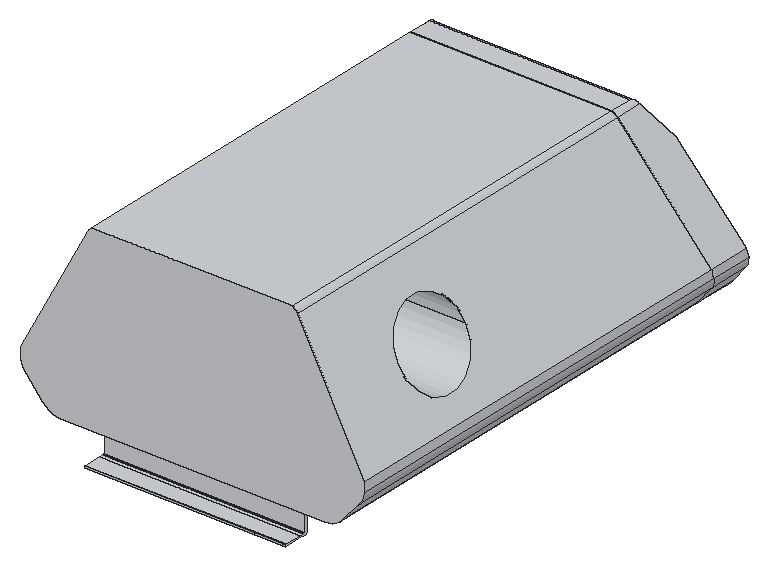
Revit family "Building-ElectricalVehicleCharging-GEWISS-JOINON-ION_WALL_MOUNTING-EV-R", category Apparecchi elettrici, host Superficie, Revit 2019
Family settings
  Host = Superficie
  Mantenere orientamento annotazione = No
  Quota connettore circolare = Usa diametro
  Tipo di parte = Normale
  Taglio con vuoti quando caricato = No
  Condiviso = No
  Punto di calcolo locali = No
Parameters (values of type "GWJ2123W100 - WB JOINON RFID 22 KW 1XT2S+SC - 3G EV-R")
  Â Power supply (2 separate lines) = ""
  sp_y [instance] = 3306.156 mm
  sp_x [instance] = 2013.885 mm
  sp_effettivo_y [instance] = 4000 mm - sp_y  # 693.844 mm
  sp_effettivo_x [instance] = 4000 mm - sp_x  # 1986.115 mm
  bordo_simbolo [instance] = yes
  Version file RFA = "19.4"
  URL = "https://www.gewiss.com/ww/en"
  Type of residual current protection = "Currently not present"
  Total power: = "25 Chilowatt"
  Thermal-magnetic protection = "Currently not present"
  Terminal blocks: = "1 x (5 x 10 mm²) + 1 x (3 x 6 mm²)"
  Surface treatment = ""
  Socket/Connector Nr. (Type) = "1 (Type 2 vandal-proof socket, with shutters) + 1 (Type F)"
  Simbolo in pianta = yes
  Shock resistance = "IK10"
  Realized by GEWISS S.p.A. = ""
  Rated voltage = "400 Volt"
  Rated insulation voltage (Ui) = "400 Volt"
  Rated current: = "42 Ampere"
  RFID Reader = "Yes"
  Protection : = "No"
  Default Elevation = 1219.2 mm
  Produttore = "GEWISS S.p.A."
  Power meter = "YES (MID)"
  Power max. = "22 kW per socket (2,3 kW for type F)"
  Operating temperature: = "-25 +50 °C"
  OUTPUT : = "-"
  N. of sockets Type 2 = "1 (+1 domestic socket Type F)"
  Mouting and installation = "Wall mount"
  Modello = "GWJ2123W100"
  Mechanical characteristics = "-"
  Maximum power per socket = ""
  Maximum current per socket = ""
  Material = "Steel sheet"
  Installation type = ""
  Input current = ""
  Immagine tipo = ION_PARETE.jpg
  IP degree = "IP54"
  INPUT: = "-"
  IDF = "a47ae025-38a9-4393-869f-3df3cac1d2db"
  Human Interface = "LED RGB and TFT Display"
  External treatments = "Anti-corrosion and anti-graffiti"
  External colour = ""
  Electrocod = ""
  Descrizione = "WB JOINON RFID 22 KW 1XT2S+SC - 3G EV-R"
  DC Leakage check = "Currently not present"
  Customizations: = "Yes (front)"
  Current supplied (max) = "32 A per socket (10 A for Type F)"
  Connectivity: = "LAN,WIFI,4G"
  Connectivity = ""
  Comunication = "Ethernet Kit and 4G Modem with booster antenna"
  Colour = "Grey, Headboard RAL 7011"
  Charging sockets (EN 62196) = ""
  Charging power = "22 kW + 2,3 kW"
  Charging mode (EN 61851) : = ""
  Charging activation = "Remotely managed, via OCPP 1.6J"
  COBie.Tagnumber = ""
  COBie.CreatedOn = ""
  COBie.CreatebBy = ""
  COBie.ComponentRegisterItemID = ""
  COBie.Component.TagNumber = ""
  COBie.Component.Space = ""
  COBie.Component.SerialNumber = ""
  COBie.Component.InstallationDate = ""
  COBie.Component.Description = ""
  COBie.Component.BarCode = ""
  (Auto)restart electrical protections = "Currently not present"
Types (17, lengths in mm): name | Â Power supply (2 separate lines) | Total power: | Terminal blocks: | Surface treatment | Socket/Connector Nr. (Type) | Rated voltage | Rated insulation voltage (Ui) | Rated current: | RFID Reader | Power meter | Power max. | N. of sockets Type 2 | Modello | Maximum power per socket | Maximum current per socket | Installation type | Input current | IP degree | External colour | Descrizione | Current supplied (max) | Connectivity: | Connectivity | Comunication | Charging sockets (EN 62196) | Charging power | Charging mode (EN 61851) : | Charging activation
  (no name) | "Three-phase 35mm²" | "25 Chilowatt" | "1 x (5 x 10 mm²) + 1 x (3 x 6 mm²)" | "Anti-graffiti surface painting" | "1 (Type 2 vandal-proof socket, with shutters) + 1 (Type F)" | "400 Volt" | "400 Volt" | "42 Ampere" | "Yes" | "YES (MID)" | "22 kW per socket (2,3 kW for type F)" | "1 (+1 domestic socket Type F)" | "GWJ2123W100" | "22 kW + 22 kW" | "32A + 32A" | "Wall or Pole" | "64 Ampere" | "IP54" | "Grey Chassis, Cap RAL7011" | "WB JOINON RFID 22 KW 1XT2S+SC - 3G EV-R" | "32 A per socket (10 A for Type F)" | "LAN,WIFI,4G" | "OCPP 1.6 SOAP" | "Ethernet Kit and 4G Modem with booster antenna" | "2 x Type 2" | "22 kW + 2,3 kW" | "Mode 3" | "Remotely managed, via OCPP 1.6J"
  GWJ2101A100 - WB JOINON AUTOSTART 7,4 kW 2xT2S EV-R | "Single-phase 35 mm²" | "15 Chilowatt" | "2 x (3 x 10 mm²)" | "Anti-graffiti surface painting" | "2 (Type 2 socket, with shutters)" | "230 Volt" | "230 Volt" | "64 Ampere" | "No" | "Currently not present" | "7,4 kW per socket" | "2" | "GWJ2101A100" | "7,4 kW + 7,4 kW" | "32A + 32A" | "Wall or Pole" | "64 Ampere" | "IP55" | "Grey Chassis, Cap RAL7011" | "WB JOINON AUTOSTART 7,4 kW 2xT2S EV-R" | "32 A per socket" | "No" | "" | "" | "2 x Type 2" | "7,4 kW + 7,4 kW" | "Mode 3" | "Free access"
  GWJ2102A100 - WB JOINON AUTOSTART 11 kW 2xT2S EV-R | "Three-phase 35mm²" | "22 Chilowatt" | "2 x (5 x 10 mm²)" | "Anti-graffiti surface painting" | "2 (Type 2 socket, with shutters)" | "400 Volt" | "400 Volt" | "32 Ampere" | "No" | "Currently not present" | "11 kW per socket" | "2" | "GWJ2102A100" | "11 kW + 11 kW" | "16A + 16A" | "Wall or Pole" | "32 Ampere" | "IP55" | "Grey Chassis, Cap RAL7011" | "WB JOINON AUTOSTART 11 kW 2xT2S EV-R" | "16 A per socket" | "No" | "" | "" | "2 x Type 2" | "11 kW + 11 kW" | "Mode 3" | "Free access"
  GWJ2103A100 - WB JOINON AUTOSTART 22 kW 2xT2S EV-R | "Three-phase 35mm²" | "44 Chilowatt" | "2 x (5 x 10 mm²)" | "Anti-graffiti surface painting" | "2 (Type 2 socket, with shutters)" | "400 Volt" | "400 Volt" | "64 Ampere" | "No" | "Currently not present" | "22 kW per socket" | "2" | "GWJ2103A100" | "22 kW + 22 kW" | "32A + 32A" | "Wall or Pole" | "64 Ampere" | "IP55" | "Grey Chassis, Cap RAL7011" | "WB JOINON AUTOSTART 22 kW 2xT2S EV-R" | "32 A per socket" | "No" | "" | "" | "2 x Type 2" | "22 kW + 22 kW" | "Mode 3" | "Free access"
  GWJ2101R100 - WB JOINON RFID 7,4 kW 2xT2S EV-R | "Single-phase 35 mm²" | "15 Chilowatt" | "2 x (3 x 10 mm²)" | "Anti-graffiti surface painting" | "2 (Type 2 vandal-proof socket, with shutters)" | "230 Volt" | "230 Volt" | "64 Ampere" | "Yes" | "Currently not present" | "7,4 kW per socket" | "2" | "GWJ2101R100" | "7,4 kW + 7,4 kW" | "32A + 32A" | "Wall or Pole" | "64 Ampere" | "IP55" | "Grey Chassis, Cap RAL7011" | "WB JOINON RFID 7,4 kW 2xT2S EV-R" | "32 A per socket" | "No" | "" | "" | "2 x Type 2" | "7,4 kW + 7,4 kW" | "Mode 3" | "Locally managed, via RFID"
  GWJ2102R100 - WB JOINON RFID 11 kW 2xT2S EV-R | "Three-phase 35mm²" | "22 Chilowatt" | "2 x (5 x 10 mm²)" | "Anti-graffiti surface painting" | "2 (Type 2 vandal-proof socket, with shutters)" | "400 Volt" | "400 Volt" | "32 Ampere" | "Yes" | "YES (MID)" | "11 kW per socket" | "2" | "GWJ2102R100" | "11 kW + 11 kW" | "16A + 16A" | "Wall or Pole" | "32 Ampere" | "IP55" | "Grey Chassis, Cap RAL7011" | "WB JOINON RFID 11 kW 2xT2S EV-R" | "16 A per socket" | "No" | "" | "" | "2 x Type 2" | "11 kW + 11 kW" | "Mode 3" | "Locally managed, via RFID"
  GWJ2103R100 - WB JOINON RFID 22 kW 2xT2S EV-R | "Three-phase 35mm²" | "44 Chilowatt" | "2 x (5 x 10 mm²)" | "Anti-graffiti surface painting" | "2 (Type 2 vandal-proof socket, with shutters)" | "400 Volt" | "400 Volt" | "64 Ampere" | "Yes" | "YES (MID)" | "22 kW per socket" | "2" | "GWJ2103R100" | "22 kW + 22 kW" | "32A + 32A" | "Wall or Pole" | "64 Ampere" | "IP55" | "Grey Chassis, Cap RAL7011" | "WB JOINON RFID 22 kW 2xT2S EV-R" | "32 A per socket" | "No" | "" | "" | "2 x Type 2" | "22 kW + 22 kW" | "Mode 3" | "Locally managed, via RFID"
  GWJ2101L100 - WB JOINON RFID 7,4 KW 2XT2S - ETH EV-R | "Single-phase 35 mm²" | "15 Chilowatt" | "2 x (3 x 10 mm²)" | "Anti-graffiti surface painting" | "2 (Type 2 vandal-proof socket, with shutters)" | "230 Volt" | "230 Volt" | "64 Ampere" | "Yes" | "YES (MID)" | "7,4 kW per socket" | "2" | "GWJ2101L100" | "7,4 kW + 7,4 kW" | "32A + 32A" | "Wall or Pole" | "64 Ampere" | "IP55" | "Grey Chassis, Cap RAL7011" | "WB JOINON RFID 7,4 KW 2XT2S - ETH EV-R" | "32 A per socket" | "LAN" | "OCPP 1.6 SOAP" | "Ethernet kit" | "2 x Type 2" | "7,4 kW + 7,4 kW" | "Mode 3" | "Remotely managed, via OCPP 1.6J"
  GWJ2102L100 - WB JOINON RFID 11 KW 2XT2S - ETH EV-R | "Three-phase 35mm²" | "22 Chilowatt" | "2 x (5 x 10 mm²)" | "Anti-graffiti surface painting" | "2 (Type 2 vandal-proof socket, with shutters)" | "400 Volt" | "400 Volt" | "32 Ampere" | "Yes" | "YES (MID)" | "11 kW per socket" | "2" | "GWJ2102L100" | "11 kW + 11 kW" | "16A + 16A" | "Wall or Pole" | "32 Ampere" | "IP55" | "Grey Chassis, Cap RAL7011" | "WB JOINON RFID 11 KW 2XT2S - ETH EV-R" | "16 A per socket" | "LAN" | "OCPP 1.6 SOAP" | "Ethernet kit" | "2 x Type 2" | "11 kW + 11 kW" | "Mode 3" | "Remotely managed, via OCPP 1.6J"
  GWJ2103L100 - WB JOINON RFID 22 KW 2XT2S - ETH EV-R | "Three-phase 35mm²" | "44 Chilowatt" | "2 x (5 x 10 mm²)" | "Anti-graffiti surface painting" | "2 (Type 2 vandal-proof socket, with shutters)" | "400 Volt" | "400 Volt" | "64 Ampere" | "Yes" | "YES (MID)" | "22 kW per socket" | "2" | "GWJ2103L100" | "22 kW + 22 kW" | "32A + 32A" | "Wall or Pole" | "64 Ampere" | "IP55" | "Grey Chassis, Cap RAL7011" | "WB JOINON RFID 22 KW 2XT2S - ETH EV-R" | "32 A per socket" | "LAN" | "OCPP 1.6 SOAP" | "Ethernet kit" | "2 x Type 2" | "22 kW + 22 kW" | "Mode 3" | "Remotely managed, via OCPP 1.6J"
  GWJ2101W100 - WB JOINON RFID 7,4 KW 2XT2S - 3G EV-R | "Single-phase 35 mm²" | "15 Chilowatt" | "2 x (3 x 10 mm²)" | "Anti-graffiti surface painting" | "2 (Type 2 vandal-proof socket, with shutters)" | "230 Volt" | "230 Volt" | "64 Ampere" | "Yes" | "YES (MID)" | "7,4 kW per socket" | "2" | "GWJ2101W100" | "7,4 kW + 7,4 kW" | "32A + 32A" | "Wall or Pole" | "64 Ampere" | "IP55" | "Grey Chassis, Cap RAL7011" | "WB JOINON RFID 7,4 KW 2XT2S - 3G EV-R" | "32 A per socket" | "LAN,WIFI,4G" | "OCPP 1.6 SOAP" | "Ethernet Kit and 4G Modem with booster antenna" | "2 x Type 2" | "7,4 kW + 7,4 kW" | "Mode 3" | "Remotely managed, via OCPP 1.6J"
  GWJ2102W100 - WB JOINON RFID 11 KW 2XT2S - 3G EV-R | "Three-phase 35mm²" | "22 Chilowatt" | "2 x (5 x 10 mm²)" | "Anti-graffiti surface painting" | "2 (Type 2 vandal-proof socket, with shutters)" | "400 Volt" | "400 Volt" | "32 Ampere" | "Yes" | "YES (MID)" | "11 kW per socket" | "2" | "GWJ2102W100" | "11 kW + 11 kW" | "16A + 16A" | "Wall or Pole" | "32 Ampere" | "IP55" | "Grey Chassis, Cap RAL7011" | "WB JOINON RFID 11 KW 2XT2S - 3G EV-R" | "16 A per socket" | "LAN,WIFI,4G" | "OCPP 1.6 SOAP" | "Ethernet Kit and 4G Modem with booster antenna" | "2 x Type 2" | "11 kW + 11 kW" | "Mode 3" | "Remotely managed, via OCPP 1.6J"
  GWJ2103W100 - WB JOINON RFID 22 KW 2XT2S - 3G EV-R | "Three-phase 35mm²" | "44 Chilowatt" | "2 x (5 x 10 mm²)" | "Anti-graffiti surface painting" | "2 (Type 2 vandal-proof socket, with shutters)" | "400 Volt" | "400 Volt" | "64 Ampere" | "Yes" | "YES (MID)" | "22 kW per socket" | "2" | "GWJ2103W100" | "22 kW + 22 kW" | "32A + 32A" | "Wall or Pole" | "64 Ampere" | "IP55" | "Grey Chassis, Cap RAL7011" | "WB JOINON RFID 22 KW 2XT2S - 3G EV-R" | "32 A per socket" | "LAN,WIFI,4G" | "OCPP 1.6 SOAP" | "Ethernet Kit and 4G Modem with booster antenna" | "2 x Type 2" | "22 kW + 22 kW" | "Mode 3" | "Remotely managed, via OCPP 1.6J"
  GWJ2121R100 - WB JOINON RFID 7,4 kW 1xT2S+SC EV-R | "" | "10 Chilowatt" | "1 x (3 x 10 mm²) + 1 x (3 x 6 mm²)" | "" | "1 (Type 2 vandal-proof socket, with shutters) + 1 (Type F)" | "230 Volt" | "230 Volt" | "42 Ampere" | "Yes" | "YES (MID)" | "7,4 kW per socket (2,3 kW for type F)" | "1 (+1 domestic socket Type F)" | "GWJ2121R100" | "" | "" | "" | "" | "IP54" | "" | "WB JOINON RFID 7,4 kW 1xT2S+SC EV-R" | "32 A per socket (10 A for Type F)" | "No" | "" | "" | "" | "7,4 kW + 2,3 kW" | "" | "Locally managed, via RFID"
  GWJ2123R100 - WB JOINON RFID 22 kW 1xT2S+SC EV-R | "" | "25 Chilowatt" | "1 x (5 x 10 mm²) + 1 x (3 x 6 mm²)" | "" | "1 (Type 2 vandal-proof socket, with shutters) + 1 (Type F)" | "400 Volt" | "400 Volt" | "42 Ampere" | "Yes" | "YES (MID)" | "22 kW per socket (2,3 kW for type F)" | "1 (+1 domestic socket Type F)" | "GWJ2123R100" | "" | "" | "" | "" | "IP54" | "" | "WB JOINON RFID 22 kW 1xT2S+SC EV-R" | "32 A per socket (10 A for Type F)" | "No" | "" | "" | "" | "22 kW + 2,3 kW" | "" | "Locally managed, via RFID"
  GWJ2121W100 - WB JOINON RFID 7,4 KW 1XT2S+SC - 3G EV-R | "" | "10 Chilowatt" | "1 x (3 x 10 mm²) + 1 x (3 x 6 mm²)" | "" | "1 (Type 2 vandal-proof socket, with shutters) + 1 (Type F)" | "230 Volt" | "230 Volt" | "42 Ampere" | "Yes" | "YES (MID)" | "7,4 kW per socket (2,3 kW for type F)" | "1 (+1 domestic socket Type F)" | "GWJ2121W100" | "" | "" | "" | "" | "IP54" | "" | "WB JOINON RFID 7,4 KW 1XT2S+SC - 3G EV-R" | "32 A per socket (10 A for Type F)" | "LAN,WIFI,4G" | "" | "Ethernet Kit and 4G Modem with booster antenna" | "" | "7,4 kW + 2,3 kW" | "" | "Remotely managed, via OCPP 1.6J"
  GWJ2123W100 - WB JOINON RFID 22 KW 1XT2S+SC - 3G EV-R | "" | "25 Chilowatt" | "1 x (5 x 10 mm²) + 1 x (3 x 6 mm²)" | "" | "1 (Type 2 vandal-proof socket, with shutters) + 1 (Type F)" | "400 Volt" | "400 Volt" | "42 Ampere" | "Yes" | "YES (MID)" | "22 kW per socket (2,3 kW for type F)" | "1 (+1 domestic socket Type F)" | "GWJ2123W100" | "" | "" | "" | "" | "IP54" | "" | "WB JOINON RFID 22 KW 1XT2S+SC - 3G EV-R" | "32 A per socket (10 A for Type F)" | "LAN,WIFI,4G" | "" | "Ethernet Kit and 4G Modem with booster antenna" | "" | "22 kW + 2,3 kW" | "" | "Remotely managed, via OCPP 1.6J"
Reference planes
  plane 1 "Centro (Fronte/Retro)": y = 0
  plane 2: z = 0
  plane 3 "Centro (Sinistra/Destra)": x = 0
  plane 4: x = -1986.115
  plane 5: y = -693.844
  plane 6: x = 0
  plane 7: y = 0
Dimensions and locks
  plane 4 to plane 3 "Centro (Sinistra/Destra)" = 1986.115 mm
  "sp_effettivo_x": plane 4 to plane 6
  plane 1 "Centro (Fronte/Retro)" to plane 5 = 693.844 mm
  "sp_effettivo_y": plane 7 to plane 5
  aligned and locked: plane 2 to host face
  aligned and locked: level to host face
  aligned and locked: plane 3 "Centro (Sinistra/Destra)" to nested 1
  aligned and locked: plane 6 to nested 2
  aligned and locked: nested 2 to plane 7
Automatic sketch dimensions
  host sketch curve to host sketch curve = 2438.4 mm  (x2)
Nested families
  nested 1: "wall" at (0, -100, 0), type "wall"
  nested 2: "simb_torretta" at (0, 0, 0), Visibilita' simbolo <- "Simbolo in pianta", Bordo simbolo <- "bordo_simbolo", type "simb_torretta"
    with Visibilita' simbolo yes, Bordo simbolo yes
Definition of nested family "wall"
  Parameters (values of type "wall")
    s = 430 mm
  Reference planes
    plane 1 "Centro (Fronte/Retro)": y = 0
    plane 2: z = 0
    plane 3 "Centro (Sinistra/Destra)": x = 0
    plane 4: x = -215
    plane 5: x = 215
    plane 6: x = -108.884
    plane 7: x = 321.116
  Forms (mm)
    Extrusion 1, solid
      sketch origin (0, 0, 0) x (0, 1, 0) y (0, 0, 1)
        loop
          line (320.67, 30.739) -> (365.899, 30.739)
          arc (365.899, 30.739) -> (370.664, 33.093) -> (371.69, 38.308) r 6
          line (371.69, 38.308) -> (369.397, 46.865) -> (362.849, 71.304) -> (355.696, 97.998) -> (325.146, 212.013)
          arc (325.146, 212.013) -> (324.788, 212.995) -> (324.266, 213.901) r 6
          line (324.266, 213.901) -> (297.761, 251.753) -> (292.56, 259.181)
          arc (292.56, 259.181) -> (290.416, 261.061) -> (287.645, 261.739) r 6
          line (287.645, 261.739) -> (258.774, 261.739) -> (320.67, 30.739)
      from -215 to 215
    Extrusion 2, void
      sketch origin (0, 0, 0) x (1, 0, 0) y (0, 0, 1)
        loop
          line (-215, 265.836) -> (-215, 96.799) -> (-130.803, 255.15)
          arc (-130.803, 255.15) -> (-123.441, 262.957) -> (-113.103, 265.836) r 20.002
          line (-113.103, 265.836) -> (-215, 265.836)
      from -385.124 to -245.285
    Extrusion 3, void
      sketch origin (0, 0, 0) x (1, 0, 0) y (0, 0, 1)
        loop
          line (-215, 84.809) -> (-215, 15.72) -> (-164.527, 15.72) -> (170.662, 15.72) -> (215, 15.72) -> (215, 84.809)
          arc (215, 84.809) -> (212.323, 76.409) -> (207.319, 69.15) r 30.002
          line (207.319, 69.15) -> (187.507, 45.474)
          arc (187.507, 45.474) -> (177.196, 37.566) -> (164.509, 34.76) r 30.002
          line (164.509, 34.76) -> (-163.79, 34.615)
          arc (-163.79, 34.615) -> (-176.663, 37.491) -> (-187.089, 45.57) r 30.254
          line (-187.089, 45.57) -> (-207.319, 69.15)
          arc (-207.319, 69.15) -> (-212.323, 76.409) -> (-215, 84.809) r 30.002
      from -395.704 to -259.895
    Extrusion 4, void
      sketch origin (0, 0, 0) x (-1, 0, 0) y (0, 0, -1)
        loop
          line (-215, -265.836) -> (-113.103, -265.836)
          arc (-113.103, -265.836) -> (-123.441, -262.957) -> (-130.803, -255.15) r 20.002
          line (-130.803, -255.15) -> (-215, -96.799) -> (-215, -265.836)
      from -385.124 to -245.285
    Extrusion 5, solid
      sketch origin (0, 0, 0) x (1, 0, 0) y (0, 0, 1)
        loop
          line (125.232, 261.739) -> (-125.232, 261.739)
          arc (-125.232, 261.739) -> (-128.377, 258.749) -> (-130.803, 255.15) r 20.002
          line (-130.803, 255.15) -> (-215, 96.799) -> (-215, 84.815)
          spline (-215, 84.815) -> (-214.732, 83.372) -> (-214.392, 81.942) -> (-213.981, 80.531) -> (-213.501, 79.14) -> (-212.951, 77.773) -> (-212.334, 76.433) -> (-211.651, 75.123) -> (-210.904, 73.847) -> (-210.093, 72.607) -> (-209.222, 71.406) -> (-208.291, 70.247) -> (-207.304, 69.133)
          line (-207.304, 69.133) -> (-186.899, 45.349)
          spline (-186.899, 45.349) -> (-185.475, 43.764) -> (-183.935, 42.284) -> (-182.287, 40.915) -> (-180.541, 39.666) -> (-178.706, 38.543) -> (-176.79, 37.551) -> (-174.806, 36.697) -> (-172.762, 35.985) -> (-170.67, 35.418) -> (-168.54, 34.999) -> (-166.385, 34.731) -> (-164.216, 34.615)
          line (-164.216, 34.615) -> (164.962, 34.759)
          spline (164.962, 34.759) -> (167.12, 34.875) -> (169.264, 35.143) -> (171.382, 35.561) -> (173.463, 36.128) -> (175.495, 36.84) -> (177.469, 37.693) -> (179.372, 38.683) -> (181.196, 39.804) -> (182.93, 41.051) -> (184.565, 42.417) -> (186.093, 43.894) -> (187.505, 45.475)
          line (187.505, 45.475) -> (207.308, 69.137)
          spline (207.308, 69.137) -> (208.295, 70.251) -> (209.224, 71.409) -> (210.095, 72.61) -> (210.905, 73.85) -> (211.653, 75.126) -> (212.336, 76.435) -> (212.952, 77.775) -> (213.501, 79.141) -> (213.982, 80.532) -> (214.392, 81.943) -> (214.732, 83.372) -> (215, 84.815)
          line (215, 84.815) -> (215, 96.799) -> (130.803, 255.15)
          arc (130.803, 255.15) -> (128.377, 258.749) -> (125.232, 261.739) r 20.002
      from -402.043 to 237.9
    Extrusion 6, void
      sketch origin (0, 0, 0) x (0, 1, 0) y (0, 0, 1)
        loop
          line (402.043, 0) -> (402.043, 290) -> (251.202, 290) -> (328.907, 0) -> (402.043, 0)
      from -373.812 to 250
    Extrusion 7, solid
      sketch origin (0, 0, 1.5) x (0, 1, 0) y (0, 0, 1)
        loop
          line (-187.168, 26.839) -> (-182.168, 26.839) -> (-182.168, 28.839) -> (-187.168, 28.839) -> (-216.668, 28.839)
          arc (-216.668, 28.839) -> (-218.435, 28.107) -> (-219.168, 26.339) r 2.5
          line (-219.168, 26.339) -> (-219.168, -0.661)
          arc (-219.168, -0.661) -> (-219.314, -1.014) -> (-219.668, -1.161) r 0.5
          line (-219.668, -1.161) -> (-222.097, -1.161) -> (-225.632, -1.161) -> (-247.703, -1.161) -> (-249.168, -1.161) -> (-249.168, -3.161) -> (-247.703, -3.161) -> (-225.632, -3.161) -> (-222.097, -3.161) -> (-219.668, -3.161)
          arc (-219.668, -3.161) -> (-217.9, -2.428) -> (-217.168, -0.661) r 2.5
          line (-217.168, -0.661) -> (-217.168, 26.339)
          arc (-217.168, 26.339) -> (-217.021, 26.693) -> (-216.668, 26.839) r 0.5
          line (-216.668, 26.839) -> (-187.168, 26.839)
        loop
          line (289.832, 1.339) -> (289.832, 26.339)
          arc (289.832, 26.339) -> (289.1, 28.107) -> (287.332, 28.839) r 2.5
          line (287.332, 28.839) -> (255.832, 28.839) -> (254.832, 28.839) -> (254.832, 26.839) -> (255.832, 26.839) -> (287.332, 26.839)
          arc (287.332, 26.839) -> (287.686, 26.693) -> (287.832, 26.339) r 0.5
          line (287.832, 26.339) -> (287.832, 1.339)
          arc (287.832, 1.339) -> (287.686, 0.986) -> (287.332, 0.839) r 0.5
          line (287.332, 0.839) -> (278.832, 0.839) -> (277.832, 0.839) -> (267.832, 0.839) -> (255.832, 0.839) -> (254.832, 0.839) -> (253.332, 0.839) -> (250.832, 0.839) -> (250.832, -1.161) -> (253.332, -1.161) -> (254.832, -1.161) -> (255.832, -1.161) -> (267.832, -1.161) -> (277.832, -1.161) -> (278.832, -1.161) -> (287.332, -1.161)
          arc (287.332, -1.161) -> (289.1, -0.428) -> (289.832, 1.339) r 2.5
      from -125.232 to 125.232
    Extrusion 8, solid, not visible
      sketch origin (0, 0, 0) x (0, 1, 0) y (0, 0, 1)
        loop
          line (-187.168, 26.839) -> (-182.168, 26.839) -> (-182.168, 28.839) -> (-187.168, 28.839) -> (-216.668, 28.839)
          arc (-216.668, 28.839) -> (-218.435, 28.107) -> (-219.168, 26.339) r 2.5
          line (-219.168, 26.339) -> (-219.168, -0.661)
          arc (-219.168, -0.661) -> (-219.314, -1.014) -> (-219.668, -1.161) r 0.5
          line (-219.668, -1.161) -> (-222.097, -1.161) -> (-225.632, -1.161) -> (-247.703, -1.161) -> (-249.168, -1.161) -> (-249.168, -3.161) -> (-247.703, -3.161) -> (-225.632, -3.161) -> (-222.097, -3.161) -> (-219.668, -3.161)
          arc (-219.668, -3.161) -> (-217.9, -2.428) -> (-217.168, -0.661) r 2.5
          line (-217.168, -0.661) -> (-217.168, 26.339)
          arc (-217.168, 26.339) -> (-217.021, 26.693) -> (-216.668, 26.839) r 0.5
          line (-216.668, 26.839) -> (-187.168, 26.839)
        loop
          line (289.832, 1.339) -> (289.832, 26.339)
          arc (289.832, 26.339) -> (289.1, 28.107) -> (287.332, 28.839) r 2.5
          line (287.332, 28.839) -> (255.832, 28.839) -> (254.832, 28.839) -> (254.832, 26.839) -> (255.832, 26.839) -> (287.332, 26.839)
          arc (287.332, 26.839) -> (287.686, 26.693) -> (287.832, 26.339) r 0.5
          line (287.832, 26.339) -> (287.832, 1.339)
          arc (287.832, 1.339) -> (287.686, 0.986) -> (287.332, 0.839) r 0.5
          line (287.332, 0.839) -> (278.832, 0.839) -> (277.832, 0.839) -> (267.832, 0.839) -> (255.832, 0.839) -> (254.832, 0.839) -> (253.332, 0.839) -> (250.832, 0.839) -> (250.832, -1.161) -> (253.332, -1.161) -> (254.832, -1.161) -> (255.832, -1.161) -> (267.832, -1.161) -> (277.832, -1.161) -> (278.832, -1.161) -> (287.332, -1.161)
          arc (287.332, -1.161) -> (289.1, -0.428) -> (289.832, 1.339) r 2.5
      from -125.232 to 125.232
    Extrusion 9, void
      sketch origin (0, 0, 0) x (0, 1, 0) y (0, 0, 1)
        loop
          spline (-138.168, 170.455) -> (-136.362, 158.343) -> (-131.067, 147.057) -> (-122.644, 137.365) -> (-111.668, 129.928) -> (-98.885, 125.253) -> (-85.168, 123.659) -> (-71.45, 125.253) -> (-58.668, 129.928) -> (-47.691, 137.365) -> (-39.268, 147.057) -> (-33.974, 158.343) -> (-32.168, 170.455)
          spline (-32.168, 170.455) -> (-33.974, 182.567) -> (-39.268, 193.853) -> (-47.691, 203.545) -> (-58.668, 210.982) -> (-71.45, 215.657) -> (-85.168, 217.251) -> (-98.885, 215.657) -> (-111.668, 210.982) -> (-122.644, 203.545) -> (-131.067, 193.853) -> (-136.362, 182.567) -> (-138.168, 170.455)
      from 0 to 250
    Extrusion 10, void
      sketch origin (0, 0, 0) x (0, 1, 0) y (0, 0, -1)
        loop
          spline (-138.168, -170.455) -> (-136.362, -182.567) -> (-131.067, -193.853) -> (-122.644, -203.545) -> (-111.668, -210.982) -> (-98.885, -215.657) -> (-85.168, -217.251) -> (-71.45, -215.657) -> (-58.668, -210.982) -> (-47.691, -203.545) -> (-39.268, -193.853) -> (-33.974, -182.567) -> (-32.168, -170.455)
          spline (-32.168, -170.455) -> (-33.974, -158.343) -> (-39.268, -147.057) -> (-47.691, -137.365) -> (-58.668, -129.928) -> (-71.45, -125.253) -> (-85.168, -123.659) -> (-98.885, -125.253) -> (-111.668, -129.928) -> (-122.644, -137.365) -> (-131.067, -147.057) -> (-136.362, -158.343) -> (-138.168, -170.455)
      from 54.978 to 373.812
  Cuts and joins
    Extrusion 2, Extrusion 3, Extrusion 4 cuts Extrusion 1
    Extrusion 6, Extrusion 9, Extrusion 10 cuts Extrusion 5
  Dimensions and locks
    equal spacing: plane 5, plane 3 "Centro (Sinistra/Destra)", plane 4
    "s": plane 5 to plane 4
    level to Extrusion 1 = 261.739 mm
    locked: plane 3 "Centro (Sinistra/Destra)" to cut or joined group of Extrusion 5, Extrusion 6, Extrusion 9, Extrusion 10 at 54.978
    aligned and locked: level to plane 2
    aligned and locked: Extrusion 1 to plane 4
    aligned and locked: plane 5 to Extrusion 1
    aligned and locked: Extrusion 3 sketch curve to plane 4
    aligned and locked: Extrusion 7 to cut or joined group of Extrusion 1, Extrusion 2, Extrusion 3, Extrusion 4  (x2)
  Automatic sketch dimensions
    Extrusion 7 sketch curve to Extrusion 7 sketch curve = 0 mm  (x23)
    Extrusion 7 sketch curve to Extrusion 7 sketch curve = 1.464 mm  (x2)
    Extrusion 7 sketch curve to Extrusion 7 sketch curve = 22.071 mm
    Extrusion 7 sketch curve to Extrusion 7 sketch curve = 3.536 mm
    Extrusion 7 sketch curve to Extrusion 7 sketch curve = 2.429 mm
    Extrusion 7 sketch curve to Extrusion 7 sketch curve = 0.5 mm  (x4)
    Extrusion 7 sketch curve to Extrusion 7 sketch curve = 29.5 mm
    Extrusion 7 sketch curve to Extrusion 7 sketch curve = 5 mm
    Extrusion 7 sketch curve to Extrusion 7 sketch curve = 2.5 mm
    Extrusion 7 sketch curve to Extrusion 7 sketch curve = 1.5 mm  (x3)
    Extrusion 7 sketch curve to Extrusion 7 sketch curve = 1 mm  (x6)
    Extrusion 7 sketch curve to Extrusion 7 sketch curve = 12 mm
    Extrusion 7 sketch curve to Extrusion 7 sketch curve = 10 mm
    Extrusion 7 sketch curve to Extrusion 7 sketch curve = 8.5 mm
    Extrusion 7 sketch curve to Extrusion 7 sketch curve = 25 mm
    Extrusion 7 sketch curve to Extrusion 7 sketch curve = 2 mm  (x2)
    Extrusion 7 sketch curve to Extrusion 7 sketch curve = 433 mm
    Extrusion 7 sketch curve to Extrusion 7 sketch curve = 27 mm
    Extrusion 8 sketch curve to Extrusion 8 sketch curve = 0 mm  (x23)
    Extrusion 8 sketch curve to Extrusion 8 sketch curve = 1.464 mm  (x2)
    Extrusion 8 sketch curve to Extrusion 8 sketch curve = 22.071 mm
    Extrusion 8 sketch curve to Extrusion 8 sketch curve = 3.536 mm
    Extrusion 8 sketch curve to Extrusion 8 sketch curve = 2.429 mm
    Extrusion 8 sketch curve to Extrusion 8 sketch curve = 0.5 mm  (x4)
    Extrusion 8 sketch curve to Extrusion 8 sketch curve = 29.5 mm
    Extrusion 8 sketch curve to Extrusion 8 sketch curve = 5 mm
    Extrusion 8 sketch curve to Extrusion 8 sketch curve = 2.5 mm
    Extrusion 8 sketch curve to Extrusion 8 sketch curve = 1.5 mm  (x3)
    Extrusion 8 sketch curve to Extrusion 8 sketch curve = 1 mm  (x6)
    Extrusion 8 sketch curve to Extrusion 8 sketch curve = 12 mm
    Extrusion 8 sketch curve to Extrusion 8 sketch curve = 10 mm
    Extrusion 8 sketch curve to Extrusion 8 sketch curve = 8.5 mm
    Extrusion 8 sketch curve to Extrusion 8 sketch curve = 25 mm
    Extrusion 8 sketch curve to Extrusion 8 sketch curve = 2 mm  (x2)
    Extrusion 8 sketch curve to Extrusion 8 sketch curve = 433 mm
    Extrusion 8 sketch curve to Extrusion 8 sketch curve = 27 mm
    Extrusion 1 sketch curve to plane 1 "Centro (Fronte/Retro)" = 258.774 mm
    Extrusion 1 sketch curve to Extrusion 1 sketch curve = 28.871 mm
    Extrusion 1 sketch curve to Extrusion 1 sketch curve = 4.915 mm  (x2)
    Extrusion 1 sketch curve to Extrusion 1 sketch curve = 5.201 mm
    Extrusion 1 sketch curve to Extrusion 1 sketch curve = 21.589 mm
    level to Extrusion 1 sketch curve = 30.739 mm
    Extrusion 1 sketch curve to Extrusion 1 sketch curve = 1.32 mm
    level to Extrusion 1 sketch curve = 212.013 mm
    Extrusion 1 sketch curve to Extrusion 1 sketch curve = 0.881 mm
    level to Extrusion 1 sketch curve = 97.998 mm
    Extrusion 1 sketch curve to Extrusion 1 sketch curve = 35.026 mm
    level to Extrusion 1 sketch curve = 71.304 mm
    Extrusion 1 sketch curve to Extrusion 1 sketch curve = 7.153 mm
    Extrusion 1 sketch curve to Extrusion 1 sketch curve = 3.05 mm
    level to Extrusion 1 sketch curve = 46.865 mm
    Extrusion 1 sketch curve to Extrusion 1 sketch curve = 3.498 mm
    level to Extrusion 1 sketch curve = 38.308 mm
    Extrusion 1 sketch curve to Extrusion 1 sketch curve = 5.791 mm
    Extrusion 1 sketch curve to Extrusion 1 sketch curve = 1.553 mm
    Extrusion 1 sketch curve to Extrusion 1 sketch curve = 37.852 mm
    Extrusion 1 sketch curve to Extrusion 1 sketch curve = 3.986 mm
    Extrusion 1 sketch curve to Extrusion 1 sketch curve = 3.441 mm
    Extrusion 2 sketch curve to plane 4 = 0 mm
    Extrusion 2 sketch curve to plane 6 = 21.92 mm
    Extrusion 2 sketch curve to plane 6 = 4.22 mm  (x2)
    level to Extrusion 2 sketch curve = 96.799 mm
    Extrusion 2 sketch curve to Extrusion 2 sketch curve = 149.034 mm
    Extrusion 2 sketch curve to Extrusion 2 sketch curve = 9.316 mm
    Extrusion 2 sketch curve to Extrusion 2 sketch curve = 10.686 mm
    Extrusion 3 sketch curve to plane 5 = 0 mm
    plane 4 to Extrusion 3 sketch curve = 7.681 mm
    plane 4 to Extrusion 3 sketch curve = 27.911 mm
    plane 4 to Extrusion 3 sketch curve = 29.614 mm
    level to Extrusion 3 sketch curve = 15.72 mm
    Extrusion 3 sketch curve to Extrusion 3 sketch curve = 22.562 mm
    Extrusion 3 sketch curve to Extrusion 3 sketch curve = 23.299 mm
    Extrusion 3 sketch curve to plane 5 = 50.491 mm
    Extrusion 3 sketch curve to Extrusion 3 sketch curve = 0.018 mm
    Extrusion 3 sketch curve to Extrusion 3 sketch curve = 6.153 mm
    Extrusion 3 sketch curve to plane 5 = 29.614 mm
    Extrusion 3 sketch curve to Extrusion 3 sketch curve = 22.998 mm
    Extrusion 3 sketch curve to plane 5 = 7.681 mm
    Extrusion 3 sketch curve to Extrusion 3 sketch curve = 18.895 mm
    Extrusion 3 sketch curve to Extrusion 3 sketch curve = 19.039 mm
    Extrusion 3 sketch curve to Extrusion 3 sketch curve = 10.714 mm
    Extrusion 3 sketch curve to Extrusion 3 sketch curve = 10.955 mm
    Extrusion 3 sketch curve to Extrusion 3 sketch curve = 23.58 mm
    Extrusion 3 sketch curve to Extrusion 3 sketch curve = 23.677 mm
    Extrusion 3 sketch curve to Extrusion 3 sketch curve = 15.659 mm  (x2)
    Extrusion 4 sketch curve to plane 5 = 0 mm
    plane 5 to Extrusion 4 sketch curve = 84.197 mm
    Extrusion 4 sketch curve to Extrusion 4 sketch curve = 17.7 mm
    Extrusion 4 sketch curve to level = 96.799 mm
    Extrusion 4 sketch curve to Extrusion 4 sketch curve = 149.034 mm
    Extrusion 4 sketch curve to Extrusion 4 sketch curve = 9.316 mm
    Extrusion 4 sketch curve to Extrusion 4 sketch curve = 10.686 mm
    Extrusion 4 sketch curve to Extrusion 4 sketch curve = 0 mm
    Extrusion 5 sketch curve to plane 4 = 0 mm
    Extrusion 5 sketch curve to plane 5 = 0 mm
    plane 4 to Extrusion 5 sketch curve = 7.696 mm
    plane 4 to Extrusion 5 sketch curve = 28.101 mm
    Extrusion 5 sketch curve to Extrusion 5 sketch curve = 22.684 mm
    Extrusion 5 sketch curve to plane 6 = 21.92 mm
    Extrusion 5 sketch curve to Extrusion 5 sketch curve = 5.571 mm  (x2)
    Extrusion 5 sketch curve to plane 6 = 4.22 mm
    Extrusion 5 sketch curve to plane 5 = 101.897 mm
    Extrusion 5 sketch curve to Extrusion 5 sketch curve = 12.129 mm
    Extrusion 5 sketch curve to plane 5 = 50.038 mm
    Extrusion 5 sketch curve to Extrusion 5 sketch curve = 22.544 mm
    Extrusion 5 sketch curve to plane 5 = 7.692 mm
    level to Extrusion 5 sketch curve = 34.615 mm
    level to Extrusion 5 sketch curve = 34.759 mm
    Extrusion 5 sketch curve to Extrusion 5 sketch curve = 10.734 mm
    Extrusion 5 sketch curve to Extrusion 5 sketch curve = 10.717 mm
    Extrusion 5 sketch curve to Extrusion 5 sketch curve = 23.783 mm
    Extrusion 5 sketch curve to Extrusion 5 sketch curve = 23.661 mm
    Extrusion 5 sketch curve to Extrusion 5 sketch curve = 15.678 mm
    Extrusion 5 sketch curve to Extrusion 5 sketch curve = 15.682 mm
    Extrusion 5 sketch curve to Extrusion 5 sketch curve = 11.984 mm  (x2)
    Extrusion 5 sketch curve to Extrusion 5 sketch curve = 149.034 mm  (x2)
    Extrusion 5 sketch curve to Extrusion 5 sketch curve = 9.316 mm
    Extrusion 5 sketch curve to plane 4 = 0.37 mm
    Extrusion 5 sketch curve to Extrusion 5 sketch curve = 13.789 mm
    Extrusion 5 sketch curve to Extrusion 5 sketch curve = 9.645 mm
    Extrusion 5 sketch curve to Extrusion 5 sketch curve = 0.563 mm
    Extrusion 5 sketch curve to Extrusion 5 sketch curve = 0.567 mm
    Extrusion 5 sketch curve to Extrusion 5 sketch curve = 23.438 mm
    Extrusion 5 sketch curve to Extrusion 5 sketch curve = 13.306 mm
    plane 5 to Extrusion 5 sketch curve = 0.37 mm
    Extrusion 6 sketch curve to level = 0 mm
    Extrusion 6 sketch curve to plane 1 "Centro (Fronte/Retro)" = 251.202 mm
    Extrusion 6 sketch curve to Extrusion 6 sketch curve = 77.705 mm
    Extrusion 6 sketch curve to Extrusion 6 sketch curve = 150.842 mm
    level to Extrusion 6 sketch curve = 290 mm
    plane 1 "Centro (Fronte/Retro)" to Extrusion 9 sketch curve = 138.168 mm
    level to Extrusion 9 sketch curve = 170.455 mm
    Extrusion 9 sketch curve to Extrusion 9 sketch curve = 53 mm
    plane 1 "Centro (Fronte/Retro)" to Extrusion 10 sketch curve = 138.168 mm
    level to Extrusion 10 sketch curve = 170.455 mm
    Extrusion 10 sketch curve to Extrusion 10 sketch curve = 53 mm
Definition of nested family "simb_torretta"
  Parameters (values of type "simb_torretta")
    Visibilita' simbolo [instance] = yes
    Bordo simbolo [instance] = yes
  Reference planes
    plane 1 "Centro (Fronte/Retro)": y = 0
    plane 2: z = 0
    plane 3 "Centro (Sinistra/Destra)": x = 0
  Lines and regions (mm)
    detail lines, in view "Livello rif.", visible <- "Bordo simbolo"
      curve 1: line (-96.5, 250, 0) -> (101.5, 250, 0)
      curve 2: line (101.5, 250, 0) -> (101.5, 0, 0)
      curve 3: line (101.5, 0, 0) -> (-96.5, 0, 0)
      curve 4: line (-96.5, 0, 0) -> (-96.5, 250, 0)
      curve 5: line (101.5, 125, 0) -> (91.744, 125, 0)
      curve 6: line (-79.833, 125, 0) -> (-96.5, 125, 0)
    detail lines, in view "Livello rif.", visible <- "Visibilita' simbolo"
      curve 7: line (63.369, 20.256, 0) -> (63.369, 0, 0)
      curve 9: line (-63.369, 20.256, 0) -> (63.369, 20.256, 0)
      curve 10: line (49.772, 20.256, 0) -> (49.772, 185.328, 0)
      curve 11: line (38.072, 197.028, 0) -> (-41.162, 197.028, 0)
      curve 12: line (-52.903, 185.287, 0) -> (-52.903, 20.256, 0)
      curve 13: line (31.542, 136.002, 0) -> (31.542, 177.347, 0)
      curve 14: line (31.542, 177.347, 0) -> (-34.673, 177.347, 0)
      curve 15: line (-34.673, 177.347, 0) -> (-34.673, 136.002, 0)
      curve 16: line (-34.673, 136.002, 0) -> (31.542, 136.002, 0)
      curve 17: line (84.479, 146.299, 0) -> (84.479, 42.731, 0)
      curve 18: line (66.859, 42.731, 0) -> (66.859, 121.971, 0)
      curve 19: line (66.859, 121.971, 0) -> (64.275, 127.282, 0)
      curve 20: line (64.275, 127.282, 0) -> (49.772, 132.307, 0)
      curve 21: line (98.652, 158.145, 0) -> (98.652, 180.875, 0)
      curve 22: line (98.652, 180.875, 0) -> (84.479, 180.875, 0)
      curve 23: line (84.479, 180.875, 0) -> (70.307, 180.875, 0)
      curve 24: line (70.307, 180.875, 0) -> (70.307, 158.145, 0)
      curve 25: line (77.215, 180.875, 0) -> (77.215, 197.35, 0)
      curve 26: line (91.744, 180.875, 0) -> (91.744, 197.35, 0)
      curve 27: line (12.372, 88.819, 0) -> (-11.307, 88.819, 0)
      curve 28: line (-11.307, 88.819, 0) -> (-11.307, 120.192, 0)
      curve 29: line (-11.307, 120.192, 0) -> (12.372, 120.192, 0)
      curve 30: line (-11.307, 105.861, 0) -> (3.96, 105.861, 0)
      curve 31: line (-14.807, 69.865, 0) -> (-1.566, 34.036, 0)
      curve 32: line (-1.566, 34.036, 0) -> (11.676, 69.865, 0)
      curve 33: line (-63.369, 20.256, 0) -> (-63.369, 0, 0)
      curve 34: line (-63.369, 0, 0) -> (63.369, 0, 0)
    detail lines, in view "Livello rif."
      curve 8: line (-96.5, 0, 0) -> (-96.5, 20.256, 0)
      curve 35: arc (-41.162, 197.028, 0) -> (-49.464, 193.589, 0) -> (-52.903, 185.287, 0) r 11.741
      curve 36: arc (49.772, 185.328, 0) -> (46.345, 193.601, 0) -> (38.072, 197.028, 0) r 11.7
      curve 37: arc (70.307, 158.145, 0) -> (84.479, 143.972, 0) -> (98.652, 158.145, 0) r 14.173
      curve 38: arc (66.859, 42.731, 0) -> (75.669, 33.921, 0) -> (84.479, 42.731, 0) r 8.81
